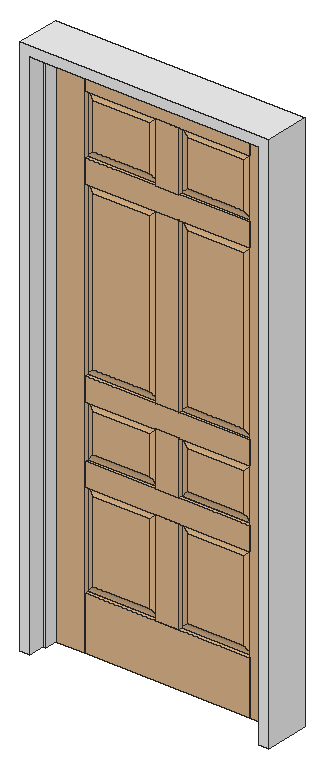
Revit family
Parameters (values of type "1 3/4" Raised Panel")
  URL = "http://www.karonadoor.com"
  Thickness Note = "Do not edit thickness."  # constant formula
  Thickness = 1.774"
  Swing Angle 2D = 90.00°
  SmartBIM Object Version = 1  # constant formula
  SmartBIM Object Created By = "Reed Construction Data"  # constant formula
  Rough Width = 0.000"
  Rough Height = 1.750"
  Panel = Panel_K3080_Karona : 1 3/4" - Raised Panel
  Model = "K3080 Square"  # constant formula
  Manufacturer = "Karona , Inc."  # constant formula
  Detail Door Thickness = 1.750"
  Assembly Code = ""
  Top Rail Height = 5.000"
  Top Rail = Wood, Cherry - Grain Horizontal
  Stile Width = 5.063"
  Stile = Wood, Cherry - Grain Vertical
  Sticking = Wood, Cherry - Grain Vertical
  Middle Rail = Wood, Cherry - Grain Horizontal
  Height = 84.000"
  Wall Closure = (empty or 0)
  Width = 36.000"
  Frame = Metal
  Bottom Rail Height = 8.500"
  Bottom Rail = Wood, Cherry - Grain Horizontal
  95 CSI = "08210"  # constant formula
  04 CSI = "08 14 33"  # constant formula
Types (9): name | Thickness | Rough Height | Panel | Detail Door Thickness
  1 3/4" Flat Panel | 1.774" | 1.750" | Panel_K3080_Karona : 1 3/4" - Flat Panel | 1.750"
  1 3/8" Flat Panel | 1.334" | 0.000" | Panel_K3080_Karona : 1 3/8" - Flat Panel | 1.375"
  2 1/4" Flat Panel | 2.250" | 0.000" | Panel_K3080_Karona : 2 1/4" - Flat Panel | 2.250"
  1 3/4" Glass Panel | 1.774" | 1.750" | Panel_K3080_Karona : 1 3/4" - Glass Panel | 1.750"
  1 3/8" Glass Panel | 1.334" | 0.000" | Panel_K3080_Karona : 1 3/8" - Glass Panel | 1.375"
  2 1/4" Glass Panel | 2.250" | 0.000" | Panel_K3080_Karona : 2 1/4" - Glass | 2.250"
  1 3/4" Raised Panel | 1.774" | 1.750" | Panel_K3080_Karona : 1 3/4" - Raised Panel | 1.750"
  1 3/8" Raised Panel | 1.334" | 0.000" | Panel_K3080_Karona : 1 3/8" - Raised Panel | 1.375"
  2 1/4" Raised Panel | 2.250" | 0.000" | Panel_K3080_Karona : 2 1/4" - Raised Panel | 2.250"
Reference planes (in)
  plane 1 "Center (Front/Back)": y = 0
  plane 2 "Center (Left/Right)": x = 0
  plane 3 "Left": x = -18
  plane 4 "Right": x = 18
  plane 5 "Top": z = 84
  plane 6 "Exterior Edge of Frame": y = 3.5
  plane 7 "Interior Edge of Frame": y = -3.5
  plane 8: y = 1
  plane 9: y = -1
  plane 10 "Opening Left": x = -19.5
  plane 11 "Opening Right": x = 19.5
  plane 12 "Top of Opening": z = 85.5
  plane 13: x = -17.5
Forms (in)
  Sweep 1, solid, material "Metal" <- "Frame"
    path origin (0, 0, 0) x (1, 0, 0) y (0, 0, 1)
      loop
        line (-19.5, 0) -> (-19.5, 85.5) -> (19.5, 85.5) -> (19.5, 0)
    profile origin (-19.5, 0, 42.75) x (-1, 0, 0) y (0, -1, 0)
      loop
        line (0, -3.5) -> (0, 3.5) -> (-1.5, 3.5) -> (-1.5, 1) -> (-2, 1) -> (-2, -1) -> (-1.5, -1) -> (-1.5, -3.5) -> (0, -3.5)
Lines and regions (in)
  Opening 1
    outline origin (-90, -3, 0) x (1, 0, 0) y (0, 0, 1)
      loop
        line (70.5, 0) -> (109.5, 0) -> (109.5, 85.5) -> (70.5, 85.5) -> (70.5, 0)
  symbolic lines, style "Elevation Swing"
    curve 1: line (18, 3, 0) -> (-18, 3, 42)
    curve 2: line (-18, 3, 42) -> (18, 3, 84)
Text (in)
  text "Exterior" at (-46.13199, 20.20143, 0), in view "Ref. Level"
  text "Interior" at (-46.13199, -10.56751, 0), in view "Ref. Level"
  text "Exterior" at (0, 40.15149, 123.01588), in view "Right"
  text "Interior" at (0, -64.39139, 123.01588), in view "Right"
  text "Interior" at (0, -31.01599, 123.00693), in view "Left"
  text "Exterior" at (0, 54.57065, 123.00693), in view "Left"
Dimensions and locks (in)
  "Height": level to plane 5 "Top"
  "Width": plane 3 "Left" to plane 4 "Right"
  equal spacing: host wall, curve 2, plane 5 "Top"
  locked: host wall to plane 7 "Interior Edge of Frame" at 0.5
  locked: plane 6 "Exterior Edge of Frame" to host wall at 0.5
  locked: plane 9 to plane 7 "Interior Edge of Frame" at 2.5
  locked: plane 6 "Exterior Edge of Frame" to plane 8 at 2.5
  equal spacing: plane 3 "Left", plane 2 "Center (Left/Right)", plane 4 "Right"
  locked: plane 4 "Right" to plane 11 "Opening Right" at 1.5
  locked: plane 5 "Top" to plane 12 "Top of Opening" at 1.5
  locked: plane 3 "Left" to plane 13 at 0.5
  locked: plane 10 "Opening Left" to plane 3 "Left" at 1.5
  aligned and locked: Opening 1 sketch curve to level
  aligned and locked: plane 4 "Right" to curve 1
  aligned and locked: plane 3 "Left" to curve 1
  aligned and locked: plane 5 "Top" to curve 2
  aligned and locked: Opening 1 sketch curve to plane 11 "Opening Right"
  aligned and locked: plane 12 "Top of Opening" to Opening 1 sketch curve
  aligned and locked: Opening 1 sketch curve to plane 10 "Opening Left"
  aligned and locked: plane 10 "Opening Left" to Sweep 1 sketch curve
  aligned and locked: plane 12 "Top of Opening" to Sweep 1 sketch curve
  aligned and locked: plane 11 "Opening Right" to Sweep 1 sketch curve
  aligned and locked: level to Sweep 1 sketch curve  (x2)
  aligned and locked: Sweep 1 sketch curve to plane 10 "Opening Left"
  aligned and locked: Sweep 1 sketch curve to plane 6 "Exterior Edge of Frame"
  aligned and locked: Sweep 1 sketch curve to plane 7 "Interior Edge of Frame"
  aligned and locked: Sweep 1 sketch curve to plane 8
  aligned and locked: Sweep 1 sketch curve to plane 9
  aligned and locked: plane 13 to Sweep 1 sketch curve
  aligned and locked: plane 3 "Left" to Sweep 1 sketch curve  (x2)
  aligned and locked: nested 1 to plane 2 "Center (Left/Right)"
  aligned and locked: nested 1 to plane 8
  aligned and locked: nested 2 to plane 3 "Left"
  aligned and locked: nested 2 to plane 8
Automatic sketch dimensions
  curve 1 to level = 0.000"
  curve 2 to plane 4 "Right" = 0.000"
Nested families (in)
  nested 1: "Panel_K3080_Karona" at (-13.5, 0.6575, 0) x (-1, 0, 0) z (0, 0, 1), type <- "Panel", type "1 3/4" - Raised Panel"
    with Upper Middle Panel Height 27.000", Top Panel Offset 12.4375", Panel Height 14.875", Middle Panel Height 33.500", Height 84.000", Half Panel Height 7.4375", Cross Rail and Panel Spacing Start 9.250", Cross Rail Panel Height 18.500", Bottom Rail Height 8.500"
  nested 2: "Door Panel Plan View" at (-31.5, 1, 0) x (-1, 0, 0) z (0, 0, 1), type "Door Panel Plan View"
    with Thickness 1.750", Height 84.000"
Definition of nested family "Panel_K3080_Karona"
  Parameters (values of type "1 3/4" - Raised Panel")
    Width = 36.000"
    Upper Middle Panel Height = Height - (3 * Mullion Width + Top Rail Height + Top Panel Height + Lower Middle Panel + Panel Height + Bottom Rail Height)  # 43.000"
    Top Rail Material = Wood, Cherry - Grain Horizontal
    Top Rail Height = 5.000"
    Top Panel Offset = Top Rail Height + Half Panel Height  # 9.1875"
    Top Panel Height = 9.375"  # constant formula
    Thickness Note = "Do not change door thickness"  # constant formula
    Thickness = 1.774"
    Stile Width = 5.063"
    Stile Material = Wood, Cherry - Grain Vertical
    Sticking Material = Wood, Cherry - Grain Vertical
    Panel Width = (Width - (2 * Stile Width) - (1 * Mullion Width)) / 2  # 11.1245"
    Panel Height = Bottom Height - (Mullion Width + Bottom Rail Height)  # 8.375"
    Panel = Glass-Sticking-Assembly-Square_Karona : Raised Panel
    Mullion Width = 3.625"  # constant formula
    Middle Panel Height = Height - (2 * Panel Height + Top Rail Height + Bottom Rail Height + Mullion Width + Mullion Width)  # 56.000"
    Lower Middle Panel = 8.375"  # constant formula
    Interior Panel = Wood, Cherry - Grain Vertical
    Height = 100.000"
    Half Panel Width = 0.5 * Panel Width  # 5.56225"
    Half Panel Height = 0.5 * Panel Height  # 4.1875"
    Exterior Edge - Glass Bottom Offset = if(Thickness = 1.774", 0.567", if(Thickness = 2.250", 0.803", 0.469"))  # 0.567"
    Door Panel Material = Wood, Cherry - Grain Vertical
    Default Elevation = 0.000"  # constant formula
    Cross Rail and Panel Spacing Start = Half Panel Height + 0.5 * (3.625")  # 6.000"
    Cross Rail Panel Height = Panel Height + 3.625"  # 12.000"
    Bottom Rail Material = Wood, Cherry - Grain Horizontal
    Bottom Rail Height = 15.000"
    Bottom Height = 27.000"
    Assembly Code = ""
  Types (9): name | Upper Middle Panel Height | Top Panel Offset | Thickness | Panel Height | Panel | Middle Panel Height | Interior Panel | Height | Half Panel Height | Exterior Edge - Glass Bottom Offset | Cross Rail and Panel Spacing Start | Cross Rail Panel Height | Bottom Rail Height
    2 1/4" - Flat Panel | 27.000" | 12.4375" | 2.250" | 14.875" | Glass-Sticking-Assembly-Square_Karona : Flat Panel | 33.500" | Wood, Cherry - Grain Vertical | 84.000" | 7.4375" | 0.803" | 9.250" | 18.500" | 8.500"
    2 1/4" - Glass | 27.000" | 12.4375" | 2.250" | 14.875" | Glass-Sticking-Assembly-Square_Karona : Glass Panel | 33.500" | Glass | 84.000" | 7.4375" | 0.803" | 9.250" | 18.500" | 8.500"
    2 1/4" - Raised Panel | 27.000" | 12.4375" | 2.250" | 14.875" | Glass-Sticking-Assembly-Square_Karona : Raised Panel | 33.500" | Wood, Cherry - Grain Vertical | 84.000" | 7.4375" | 0.803" | 9.250" | 18.500" | 8.500"
    1 3/4" - Raised Panel | 43.000" | 9.1875" | 1.774" | 8.375" | Glass-Sticking-Assembly-Square_Karona : Raised Panel | 56.000" | Wood, Cherry - Grain Vertical | 100.000" | 4.1875" | 0.567" | 6.000" | 12.000" | 15.000"
    1 3/4" - Flat Panel | 27.000" | 12.4375" | 1.774" | 14.875" | Glass-Sticking-Assembly-Square_Karona : Flat Panel | 33.500" | Wood, Cherry - Grain Vertical | 84.000" | 7.4375" | 0.567" | 9.250" | 18.500" | 8.500"
    1 3/4" - Glass Panel | 27.000" | 12.4375" | 1.774" | 14.875" | Glass-Sticking-Assembly-Square_Karona : Glass Panel | 33.500" | Glass | 84.000" | 7.4375" | 0.567" | 9.250" | 18.500" | 8.500"
    1 3/8" - Raised Panel | 27.000" | 12.4375" | 1.334" | 14.875" | Glass-Sticking-Assembly-Square_Karona : Raised Panel | 33.500" | Wood, Cherry - Grain Vertical | 84.000" | 7.4375" | 0.469" | 9.250" | 18.500" | 8.500"
    1 3/8" - Glass Panel | 27.000" | 12.4375" | 1.334" | 14.875" | Glass-Sticking-Assembly-Square_Karona : Glass Panel | 33.500" | Glass | 84.000" | 7.4375" | 0.469" | 9.250" | 18.500" | 8.500"
    1 3/8" - Flat Panel | 27.000" | 12.4375" | 1.334" | 14.875" | Glass-Sticking-Assembly-Square_Karona : Flat Panel | 33.500" | Wood, Cherry - Grain Vertical | 84.000" | 7.4375" | 0.469" | 9.250" | 18.500" | 8.500"
  Reference planes (in)
    plane 1 "Center (Front/Back)": y = 1.2295
    plane 2: z = 0
    plane 3 "Center (Left/Right)": x = -13.5
    plane 4 "Left": x = -31.5
    plane 5: x = 4.5
    plane 6 "Inner Left": x = -26.437
    plane 7 "Inner Right": x = -0.563
    plane 8: z = 15
    plane 9 "Bottom Of Top Rail": z = 95
    plane 10 "Top": z = 100
    plane 11 "Interior Edge of Door": y = 2.1165
    plane 12: z = 95
    plane 13 "Exterior Edge of Door": y = 0.3425
    plane 14 "Bottom of Glass": y = 0.9095
    plane 15 "Left Panel Vertical Midline": x = -20.87475
    plane 16 "Right Panel Vertical Midline": x = -6.12525
    plane 17 "Center of Left Vertical Mullion": x = -17.18738
    plane 18 "Center of Right Vertical Mullion": x = -9.81263
    plane 19: z = 85.625
    plane 20: z = 23.375
    plane 21: z = 82
    plane 22: z = 90.3125
    plane 23: z = 19.1875
    plane 24: z = 27
    plane 25: z = 39
    plane 26: z = 35.375
    plane 27: z = 37.1875
    plane 28: z = 60.5
    plane 29: x = -15.3125
    plane 30: x = -8.64583
    plane 31: x = -11.6875
    plane 32: z = 31.1875
  Forms (in)
    Extrusion 1, solid, material "Wood, Cherry - Grain Horizontal" <- "Bottom Rail Material"
      sketch origin (0, -101.3125, 0) x (1, 0, 0) y (0, 0, 1)
        loop
          line (-26.437, 0) -> (-0.563, 0) -> (-0.563, 15) -> (-26.437, 15) -> (-26.437, 0)
      from -103.429 to -101.655
    Extrusion 2, solid, material "Wood, Cherry - Grain Vertical" <- "Stile Material"
      sketch origin (0, 1.2295, 0) x (1, 0, 0) y (0, 0, 1)
        loop
          line (-31.5, 100) -> (-31.5, 0) -> (-26.437, 0) -> (-26.437, 100) -> (-31.5, 100)
        loop
          line (-0.563, 0) -> (4.5, 0) -> (4.5, 100) -> (-0.563, 100) -> (-0.563, 0)
      from -0.887 to 0.887
    Extrusion 3, solid, material "Wood, Cherry - Grain Horizontal" <- "Top Rail Material"
      sketch origin (0, 1.2295, 0) x (1, 0, 0) y (0, 0, 1)
        loop
          line (-26.437, 100) -> (-26.437, 95) -> (-0.563, 95) -> (-0.563, 100) -> (-26.437, 100)
      from -0.887 to 0.887
    Extrusion 4, solid, material "Wood, Cherry - Grain Horizontal" <- "Top Rail Material"
      sketch origin (0, 1.2295, 0) x (1, 0, 0) y (0, 0, 1)
        loop
          line (-0.563, 82) -> (-0.563, 85.626) -> (-26.437, 85.626) -> (-26.437, 82) -> (-0.563, 82)
        loop
          line (-26.437, 23.375) -> (-0.563, 23.375) -> (-0.563, 27) -> (-26.437, 27) -> (-26.437, 23.375)
        loop
          line (-26.437, 39) -> (-26.437, 35.375) -> (-0.563, 35.375) -> (-0.563, 39) -> (-26.437, 39)
      from -0.887 to 0.887
    Extrusion 5, solid, material "Wood, Cherry - Grain Vertical" <- "Door Panel Material"
      sketch origin (0, 0.3425, 0) x (1, 0, 0) y (0, 0, 1)
        loop
          line (-15.3125, 95) -> (-15.3125, 85.625) -> (-11.6875, 85.625) -> (-11.6875, 95) -> (-15.3125, 95)
        loop
          line (-15.3125, 82) -> (-15.3125, 39) -> (-11.6875, 39) -> (-11.6875, 82) -> (-15.3125, 82)
        loop
          line (-15.3125, 35.375) -> (-15.3125, 27) -> (-11.6875, 27) -> (-11.6875, 35.375) -> (-15.3125, 35.375)
        loop
          line (-15.3125, 23.375) -> (-15.3125, 15) -> (-11.6875, 15) -> (-11.6875, 23.375) -> (-15.3125, 23.375)
      from -1.774 to 0
  Text (in)
    text "EXTERIOR" at (-34.59289, -1.27941, 0), in view "Ref. Level"
    text "EXTERIOR" at (0, -9.65287, 72.76687), in view "Left"
    text "EXTERIOR" at (0, -33.33473, 96.68074), in view "Right"
  Dimensions and locks (in)
    equal spacing: plane 4 "Left", plane 3 "Center (Left/Right)", plane 5
    "Width": plane 4 "Left" to plane 5
    "Stile Width": plane 4 "Left" to plane 6 "Inner Left"
    "Stile Width": plane 5 to plane 7 "Inner Right"
    "Bottom Rail Height": plane 8 to plane 2
    "Top Rail Height": plane 10 "Top" to plane 9 "Bottom Of Top Rail"
    "Height": plane 10 "Top" to plane 2
    equal spacing: plane 11 "Interior Edge of Door", plane 1 "Center (Front/Back)", plane 13 "Exterior Edge of Door"
    "Thickness": plane 11 "Interior Edge of Door" to plane 13 "Exterior Edge of Door"
    "Exterior Edge - Glass Bottom Offset": plane 14 "Bottom of Glass" to plane 13 "Exterior Edge of Door"
    "Exterior Edge - Glass Bottom Offset": plane 13 "Exterior Edge of Door" to plane 14 "Bottom of Glass"
    "Half Panel Width": plane 15 "Left Panel Vertical Midline" to plane 6 "Inner Left"
    "Half Panel Width": plane 7 "Inner Right" to plane 16 "Right Panel Vertical Midline"
    equal spacing: plane 3 "Center (Left/Right)", plane 17 "Center of Left Vertical Mullion", plane 15 "Left Panel Vertical Midline"
    equal spacing: plane 16 "Right Panel Vertical Midline", plane 18 "Center of Right Vertical Mullion", plane 3 "Center (Left/Right)"
    Extrusion 4 sketch curve to Extrusion 4 sketch curve = 3.626"
    locked: Extrusion 4 sketch curve to Extrusion 4 sketch curve at 3.626
    equal spacing: plane 20, plane 23, plane 8
    equal spacing: plane 12, plane 22, plane 19
    "Mullion Width": plane 24 to plane 20
    "Mullion Width": plane 19 to plane 21
    "Mullion Width": plane 25 to plane 26
    equal spacing: plane 25, plane 27, plane 26
    equal spacing: plane 21, plane 28, plane 25
    "Panel Width": plane 29 to plane 6 "Inner Left"
    "Panel Width": plane 7 "Inner Right" to plane 31
    "Top Panel Height": plane 12 to plane 19
    "Lower Middle Panel": plane 26 to plane 24
    equal spacing: plane 26, plane 32, plane 24
    "Bottom Height": plane 24 to level
    aligned and locked: Extrusion 1 to plane 2
    aligned and locked: plane 11 "Interior Edge of Door" to Extrusion 1
    aligned and locked: plane 4 "Left" to Extrusion 2 sketch curve
    aligned and locked: Extrusion 2 sketch curve to plane 10 "Top"
    aligned and locked: Extrusion 2 sketch curve to Extrusion 1  (x3)
    aligned and locked: Extrusion 1 to Extrusion 2 sketch curve
    aligned and locked: plane 10 "Top" to Extrusion 2 sketch curve
    aligned and locked: plane 5 to Extrusion 2 sketch curve
    aligned and locked: plane 11 "Interior Edge of Door" to Extrusion 2
    aligned and locked: Extrusion 2 to Extrusion 3 sketch curve
    aligned and locked: Extrusion 3 sketch curve to Extrusion 2
    aligned and locked: plane 11 "Interior Edge of Door" to Extrusion 3
    aligned and locked: plane 12 to plane 9 "Bottom Of Top Rail"
    aligned and locked: Extrusion 3 to plane 13 "Exterior Edge of Door"
    aligned and locked: Extrusion 3 to plane 11 "Interior Edge of Door"
    aligned and locked: Extrusion 2 to plane 13 "Exterior Edge of Door"
    aligned and locked: Extrusion 3 to plane 12
    aligned and locked: Extrusion 1 to Extrusion 2
    aligned and locked: nested 1 to plane 1 "Center (Front/Back)"
    aligned and locked: plane 15 "Left Panel Vertical Midline" to nested 1
    aligned and locked: nested 2 to plane 15 "Left Panel Vertical Midline"
    aligned and locked: plane 16 "Right Panel Vertical Midline" to nested 3
    aligned and locked: nested 4 to plane 16 "Right Panel Vertical Midline"
    aligned and locked: plane 22 to nested 1
    aligned and locked: plane 22 to nested 3
    aligned and locked: plane 15 "Left Panel Vertical Midline" to nested 6
    aligned and locked: plane 15 "Left Panel Vertical Midline" to nested 7
    aligned and locked: plane 16 "Right Panel Vertical Midline" to nested 8
    aligned and locked: plane 16 "Right Panel Vertical Midline" to nested 5
    aligned and locked: level to plane 2
    aligned and locked: plane 28 to nested 5
    aligned and locked: plane 28 to nested 6
    aligned and locked: Extrusion 4 to plane 26
    aligned and locked: Extrusion 4 sketch curve to plane 7 "Inner Right"  (x2)
    aligned and locked: plane 7 "Inner Right" to Extrusion 4 sketch curve
    aligned and locked: plane 6 "Inner Left" to Extrusion 4 sketch curve  (x2)
    aligned and locked: Extrusion 4 sketch curve to plane 6 "Inner Left"
    aligned and locked: Extrusion 4 to plane 21
    aligned and locked: Extrusion 4 to plane 20
    aligned and locked: plane 24 to Extrusion 4
    aligned and locked: plane 29 to Extrusion 5 sketch curve  (x4)
    aligned and locked: Extrusion 5 sketch curve to plane 12
    aligned and locked: plane 31 to Extrusion 5 sketch curve  (x4)
    aligned and locked: plane 19 to Extrusion 5 sketch curve
    aligned and locked: Extrusion 5 sketch curve to plane 21
    aligned and locked: plane 25 to Extrusion 5 sketch curve
    aligned and locked: Extrusion 5 sketch curve to plane 26
    aligned and locked: Extrusion 5 sketch curve to plane 20
    aligned and locked: plane 8 to Extrusion 5 sketch curve
    aligned and locked: plane 11 "Interior Edge of Door" to Extrusion 5
    aligned and locked: Extrusion 5 to plane 13 "Exterior Edge of Door"
    aligned and locked: plane 11 "Interior Edge of Door" to Extrusion 4
    aligned and locked: Extrusion 4 to plane 13 "Exterior Edge of Door"
    aligned and locked: plane 23 to nested 4
    aligned and locked: plane 23 to nested 2
    aligned and locked: plane 32 to nested 8
    aligned and locked: plane 32 to nested 7
  Automatic sketch dimensions
    Extrusion 1 sketch curve to plane 6 "Inner Left" = 0.000"
    Extrusion 1 sketch curve to plane 7 "Inner Right" = 0.000"
    Extrusion 1 sketch curve to level = 0.000"
    Extrusion 1 sketch curve to plane 8 = 0.000"
    Extrusion 3 sketch curve to plane 7 "Inner Right" = 0.000"
    plane 9 "Bottom Of Top Rail" to Extrusion 3 sketch curve = 0.000"
    plane 21 to Extrusion 4 sketch curve = 0.000"
    plane 25 to Extrusion 4 sketch curve = 0.000"
    Extrusion 4 sketch curve to plane 25 = 3.625"
    Extrusion 4 sketch curve to plane 24 = 3.625"
    Extrusion 4 sketch curve to plane 24 = 0.000"
    Extrusion 5 sketch curve to Extrusion 5 sketch curve = 3.625"
  Nested families (in)
    nested 1: "Glass-Sticking-Assembly-Square_Karona" at (-21.3435, 1.38, 85.625), Width <- "Panel Width", Height <- "Top Panel Height", type <- "Panel", type "Raised Panel"
      with Width 11.1245", Height 9.375"
    nested 2: "Glass-Sticking-Assembly-Square_Karona" at (-21.3435, 1.382, 15), Width <- "Panel Width", Height <- "Panel Height", type <- "Panel", type "Raised Panel"
      with Width 11.1245", Height 8.375"
    nested 3: "Glass-Sticking-Assembly-Square_Karona" at (-6.594, 1.382, 85.625), Width <- "Panel Width", Height <- "Top Panel Height", type <- "Panel", type "Raised Panel"
      with Width 11.1245", Height 9.375"
    nested 4: "Glass-Sticking-Assembly-Square_Karona" at (-6.594, 1.382, 15), Width <- "Panel Width", Height <- "Panel Height", type <- "Panel", type "Raised Panel"
      with Width 11.1245", Height 8.375"
    nested 5: "Glass-Sticking-Assembly-Square_Karona" at (-6.594, 1.382, 39), Width <- "Panel Width", Height <- "Upper Middle Panel Height", type <- "Panel", type "Raised Panel"
      with Width 11.1245", Height 43.000"
    nested 6: "Glass-Sticking-Assembly-Square_Karona" at (-21.3435, 1.382, 39), Width <- "Panel Width", Height <- "Upper Middle Panel Height", type <- "Panel", type "Raised Panel"
      with Width 11.1245", Height 43.000"
    nested 7: "Glass-Sticking-Assembly-Square_Karona" at (-21.3435, 1.382, 27), Width <- "Panel Width", Height <- "Lower Middle Panel", type <- "Panel", type "Raised Panel"
      with Width 11.1245", Height 8.375"
    nested 8: "Glass-Sticking-Assembly-Square_Karona" at (-6.594, 1.382, 27), Width <- "Panel Width", Height <- "Lower Middle Panel", type <- "Panel", type "Raised Panel"
      with Width 11.1245", Height 8.375"
  Definition of nested family "Glass-Sticking-Assembly-Square_Karona"
    Parameters (values of type "Glass Panel")
      Width [instance] = 19.000"
      Stop Adjustment = if(and(not(Glass Panel), Door Thickness = 1.774"), 0.513", if(and(not(Glass Panel), Door Thickness = 2.250"), 0.513", if((Glass Panel), 0.125", 0.273")))  # 0.125"
      Profile = Wood, Cherry - Grain Vertical
      Height [instance] = 23.000"
      Raised Panel = no
      Interior Panel = Wood, Cherry - Grain Vertical
      Glass Panel = yes
      Door Thickness = 1.774"
      C = if(Glass Panel, 0.125", if(Door Thickness = 1.774", 0.200", if(Door Thickness = 2.250", 0.439", 0.191")))  # 0.125"
      B = if(Door Thickness = 1.774", 0.567", if(Door Thickness = 2.250", 0.803", 0.469"))  # 0.567"
      Assembly Code = ""
      A = if(Door Thickness = 1.774", 0.197", if(Door Thickness = 2.250", 0.433", 0.194"))  # 0.197"
    Types (3): name | Width | Stop Adjustment | Raised Panel | Glass Panel | C
      Glass Panel | 19.000" | 0.125" | no | yes | 0.125"
      Flat Panel | 4.500" | 0.513" | no | no | 0.200"
      Raised Panel | 4.000" | 0.513" | yes | no | 0.200"
    Reference planes (in)
      plane 1 "Stop Adjustment Edge": y = -0.3455
      plane 2: z = 0
      plane 3 "Center (Left/Right)": x = 0.46875
      plane 4 "Back": y = 0.7365
      plane 5 "Front": y = -1.0375
      plane 6 "Left": x = -9.03125
      plane 7 "Right": x = 9.96875
      plane 8 "Top": z = 23
      plane 9 "Center (Up/Down)": z = 11.5
      plane 10 "Bottom of Stop": y = -0.2205
      plane 11 "Bottom of Glass": y = -0.4705
      plane 12 "Right Edge of Glass": x = 10.35675
      plane 13 "Left Edge of Glass": x = -9.41925
      plane 14 "Top Edge of Glass": z = 23.34425
      plane 15 "Bottom Edge of Glass": z = -0.34425
      plane 16 "A": y = -0.8405
      plane 17 "C": y = 0.6115
      plane 18: z = 0.438
      plane 19: z = 22.562
      plane 20: x = -8.59325
      plane 21: x = 9.53075
      plane 22 "Center (Front/Back)": y = -0.1505
      plane 23: x = -9.46925
      plane 24: x = 10.40675
      plane 25: z = 23.438
      plane 26: z = -0.438
    Forms (in)
      Extrusion 1, solid, material "Wood, Cherry - Grain Vertical" <- "Interior Panel"
        sketch origin (0, 0, 0) x (1, 0, 0) y (0, 1, 0)
          loop
            line (-9.41925, -0.2205) -> (-9.41925, -0.4705) -> (10.35675, -0.4705) -> (10.35675, -0.2205) -> (-9.41925, -0.2205)
        from -0.34425 to 23.34425
      Extrusion 2, solid, material "Wood, Cherry - Grain Vertical" <- "Profile", visible <- "Raised Panel"
        sketch origin (0, 0, 0) x (1, 0, 0) y (0, 1, 0)
          loop
            line (9.96875, 0.6115) -> (-9.03125, 0.6115) -> (-9.03125, -0.2205) -> (9.96875, -0.2205) -> (9.96875, 0.6115)
          loop
            line (-9.03125, -0.4705) -> (-9.03125, -0.8405) -> (9.96875, -0.8405) -> (9.96875, -0.4705) -> (-9.03125, -0.4705)
        from 0 to 23
      Sweep 3, void
        path origin (0, -0.2205, 0) x (-1, 0, 0) y (0, 0, 1)
          loop
            line (9.46925, -0.438) -> (9.46925, 23.438) -> (-10.40675, 23.438) -> (-10.40675, -0.438) -> (9.46925, -0.438)
        profile "Profile : 05" origin (-9.46925, -0.2205, 11.5) x (1, 0, 0) y (0, 1, 0)
          loop
            line (0, 0.05) -> (0.36169, 0.05096)
            arc (0.36169, 0.05096) -> (1.01257, 0.13642) -> (1.61934, 0.387) r 2.52143
            line (1.61934, 0.387) -> (0, 0.387) -> (0, 0.05)
      Sweep 4, void
        path origin (0, -0.4705, 0) x (-1, 0, 0) y (0, 0, 1)
          loop
            line (-10.40675, 23.438) -> (-10.40675, -0.438) -> (9.46925, -0.438) -> (9.46925, 23.438) -> (-10.40675, 23.438)
        profile "Profile : 05" origin (10.40675, -0.4705, 11.5) x (-1, 0, 0) y (0, 1, 0)
          loop
            line (0, -0.05) -> (0, -0.387) -> (1.61934, -0.387)
            arc (1.61934, -0.387) -> (1.01257, -0.13642) -> (0.36169, -0.05096) r 2.52143
            line (0.36169, -0.05096) -> (0, -0.05)
    Cuts and joins
      Sweep 3, Sweep 4 cuts Extrusion 2
    Text (in)
      text "INTERIOR" at (-14.3788, 3.49864, 0), in view "Ref. Level"
    Dimensions and locks (in)
      equal spacing: plane 6 "Left", plane 3 "Center (Left/Right)", plane 7 "Right"
      "Width": plane 6 "Left" to plane 7 "Right"
      "Door Thickness": plane 4 "Back" to plane 5 "Front"
      "Height": plane 8 "Top" to plane 2
      equal spacing: plane 8 "Top", plane 9 "Center (Up/Down)", level
      locked: plane 1 "Stop Adjustment Edge" to plane 11 "Bottom of Glass" at 0.125
      "Stop Adjustment": plane 10 "Bottom of Stop" to plane 1 "Stop Adjustment Edge"
      locked: plane 7 "Right" to plane 12 "Right Edge of Glass" at 0.388
      locked: plane 14 "Top Edge of Glass" to plane 8 "Top" at 0.34425
      locked: level to plane 15 "Bottom Edge of Glass" at 0.34425
      locked: plane 13 "Left Edge of Glass" to plane 6 "Left" at 0.388
      "B": plane 5 "Front" to plane 11 "Bottom of Glass"
      "A": plane 5 "Front" to plane 16 "A"
      "C": plane 17 "C" to plane 4 "Back"
      locked: plane 18 to level at 0.438
      locked: plane 8 "Top" to plane 19 at 0.438
      locked: plane 6 "Left" to plane 20 at 0.438
      locked: plane 21 to plane 7 "Right" at 0.438
      equal spacing: plane 4 "Back", plane 22 "Center (Front/Back)", plane 5 "Front"
      locked: plane 23 to plane 13 "Left Edge of Glass" at 0.05
      locked: plane 12 "Right Edge of Glass" to plane 24 at 0.05
      locked: plane 25 to plane 14 "Top Edge of Glass" at 0.09375
      locked: plane 15 "Bottom Edge of Glass" to plane 26 at 0.09375
      aligned and locked: Extrusion 1 sketch curve to plane 13 "Left Edge of Glass"
      aligned and locked: Extrusion 1 sketch curve to plane 10 "Bottom of Stop"
      aligned and locked: Extrusion 1 sketch curve to plane 11 "Bottom of Glass"
      aligned and locked: Extrusion 1 sketch curve to plane 12 "Right Edge of Glass"
      aligned and locked: plane 14 "Top Edge of Glass" to Extrusion 1
      aligned and locked: Extrusion 1 to plane 15 "Bottom Edge of Glass"
      aligned and locked: Extrusion 2 sketch curve to plane 17 "C"
      aligned and locked: Extrusion 2 sketch curve to plane 10 "Bottom of Stop"
      aligned and locked: Extrusion 2 sketch curve to plane 11 "Bottom of Glass"
      aligned and locked: Extrusion 2 sketch curve to plane 16 "A"
      aligned and locked: plane 25 to Sweep 4 sketch curve
      aligned and locked: Sweep 4 sketch curve to plane 23
      aligned and locked: plane 24 to Sweep 4 sketch curve
      aligned and locked: Sweep 4 sketch curve to plane 26
      aligned and locked: plane 25 to Sweep 3 sketch curve
      aligned and locked: plane 24 to Sweep 3 sketch curve
      aligned and locked: Sweep 3 sketch curve to plane 23
      aligned and locked: Sweep 3 sketch curve to plane 26
      aligned and locked: plane 6 "Left" to Extrusion 2 sketch curve  (x2)
      aligned and locked: plane 7 "Right" to Extrusion 2 sketch curve  (x2)
      aligned and locked: plane 8 "Top" to Extrusion 2
      aligned and locked: Extrusion 2 to level
Definition of nested family "Door Panel Plan View"
  Parameters (values of type "Door Panel Plan View")
    Width = 36.000"
    Thickness = 2.000"
    Swing Angle 2D = 90.00°
    Height = 0.000"
    Assembly Code = ""
  Reference planes (in)
    plane 1 "Center (Front/Back)": y = 0
    plane 2: z = 0
    plane 3 "Center (Left/Right)": x = -13.5
  Lines and regions (in)
    symbolic lines, style "DoorsPanelProjection"
      curve 1: line (-13.5, 0, 0) -> (-13.5, 36, 0)
      curve 2: line (-15.5, 0, 0) -> (-15.5, 36, 0)
      curve 3: line (-13.5, 0, 0) -> (-15.5, 0, 0)
      curve 4: line (-13.5, 36, 0) -> (-15.5, 36, 0)
    symbolic lines, style "Plan Swing"
      curve 5: arc (-13.5, 36, 0) -> (-38.95584, 25.45584, 0) -> (-49.5, 0, 0) r 36
  Dimensions and locks (in)
    "Width": curve 4 to curve 3
    "Thickness": curve 1 to curve 2
    "Swing Angle 2D": angle curve 1 to plane 1 "Center (Front/Back)"
    aligned and locked: plane 1 "Center (Front/Back)" to curve 5
  Automatic sketch dimensions
    curve 3 to plane 1 "Center (Front/Back)" = 0.000"
    curve 5 to plane 3 "Center (Left/Right)" = 0.000"
    curve 3 to plane 3 "Center (Left/Right)" = 0.000"
